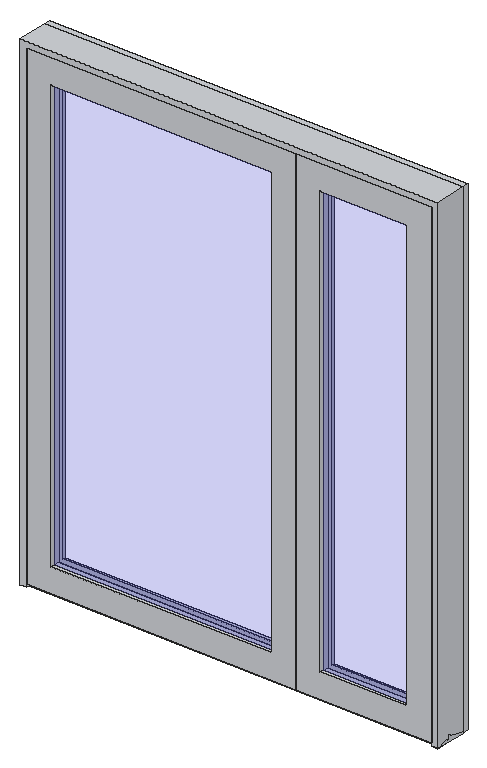
Revit family "8101_Dobbeltdør_Indadgående_COto62", category Doors, host Wall, Revit 2016
Family settings
  Host = Wall
  OmniClass Number = 23.30.10.00
  OmniClass Title = Doors
  Always vertical = Yes
  Cut with Voids When Loaded = No
  Shared = No
  Room Calculation Point = No
Parameters (values of type "1788x2088mm")
  frame 157mm [instance] = yes
  Width left leaf = 600 mm
  Rough Width = Width + (2 * Joint)  # 1812 mm
  Rough Height = Height + (2 * Joint)  # 2112 mm
  Placement in wall = 135 mm
  Manufacturer = "www.kronevinduer.dk"
  Joint = 12 mm
  Function = Interior
  Frame Projection Ext. = 25 mm
  Frame Projection Int. = 25 mm
  Frame Width = 75 mm
  Height = 2088 mm
  Wall Closure = By host
  Width = 1788 mm
  Bottom Placement = Placement in wall - 59 mm  # 76 mm
  Analytic Construction = "<None>"
Reference planes
  plane 1: y = 0
  plane 2 "Center (Left/Right)": x = 0
  plane 3 "Left": x = -894
  plane 4 "Right": x = 894
  plane 5: z = 2088
  plane 6 "Exterior": y = 75
  plane 7 "Interior": y = -75
  plane 8: y = -60
  plane 9: x = 882
  plane 10: z = 12
  plane 11: x = -882
  plane 12: z = 2076
  plane 13: x = 282
  plane 14: y = -1
  plane 15: z = 23
Forms (mm)
  Sweep 1, solid
    path origin (0, 75, 0) x (1, 0, 0) y (0, 0, 1)
      loop
        line (882, 12) -> (-882, 12)
    profile "ALU_BOTTOM_INward : ALU_BOTTOM_INward" origin (0, 75, 12) x (0, 0, -1) y (0, -1, 0)
      loop
        line (0, 125) -> (-1.763, 125) -> (-11, 86) -> (-6.25, 86) -> (-6.25, 76) -> (-24.621, 76) -> (-24.621, 74) -> (-20.949, 74) -> (-5.5, 6) -> (0, 6) -> (0, 125)
  Sweep 2, solid
    path origin (0, 75, 0) x (1, 0, 0) y (0, 0, 1)
      loop
        line (882, 12) -> (882, 2076) -> (-882, 2076) -> (-882, 12)
    profile "COto 62 ALU_WOOD_FRAME 45x130MM_S : COto 62 ALU_WOOD_FRAME 45x130MM_S" origin (882, 75, 1044) x (-1, 0, 0) y (0, -1, 0)
      loop
        line (0, 5) -> (45, 5) -> (45, 76) -> (27, 76) -> (27, 135) -> (0, 135) -> (0, 5)
  Sweep 3, solid
    path origin (0, 75, 0) x (1, 0, 0) y (0, 0, 1)
      loop
        line (855, 23) -> (855, 2049) -> (282, 2049) -> (282, 23) -> (855, 23)
    profile "COto 62 ALU_WOOD_SASH_DOOR_INward : COto 62 ALU_WOOD_SASH_DOOR_INward" origin (568.5, 75, 23) x (0, 0, -1) y (0, -1, 0)
      loop
        line (0, 135) -> (-103, 135) -> (-103, 120) -> (-85, 120) -> (-85, 72) -> (-103, 72) -> (-103, 61) -> (-18, 61) -> (-18, 76) -> (0, 76) -> (0, 135)
  Sweep 4, solid
    path origin (0, 75, 0) x (1, 0, 0) y (0, 0, 1)
      loop
        line (282, 23) -> (282, 2049) -> (-855, 2049) -> (-855, 23) -> (282, 23)
    profile "COto 62 ALU_WOOD_SASH_DOOR_INward : COto 62 ALU_WOOD_SASH_DOOR_INward" origin (-286.5, 75, 23) x (0, 0, -1) y (0, -1, 0)
      loop
        line (0, 135) -> (-103, 135) -> (-103, 120) -> (-85, 120) -> (-85, 72) -> (-103, 72) -> (-103, 61) -> (-18, 61) -> (-18, 76) -> (0, 76) -> (0, 135)
  Sweep 5, solid, visible <- "frame 157mm"
    path origin (0, 75, 0) x (1, 0, 0) y (0, 0, 1)
      loop
        line (882, 12) -> (882, 2076) -> (-882, 2076) -> (-882, 12)
    profile "COto 62 ALU_WOOD_FRAME 45x157MM_S : COto 62 ALU_WOOD_FRAME 45x157MM_S" origin (882, 75, 1044) x (-1, 0, 0) y (0, -1, 0)
      loop
        line (0, -22) -> (45, -22) -> (45, 76) -> (27, 76) -> (27, 135) -> (0, 135) -> (0, -22)
  Extrusion 6, solid, material "Glass"
    sketch origin (0, 0, 0) x (0, 1, 0) y (0, 0, 1)
      loop
        line (-1, 108) -> (-1, 1964) -> (-45, 1964) -> (-45, 108) -> (-1, 108)
    from -770 to 197
  Extrusion 7, solid, material "Glass"
    sketch origin (0, 0, 0) x (0, 1, 0) y (0, 0, 1)
      loop
        line (-45, 108) -> (3, 108) -> (3, 1964) -> (-45, 1964) -> (-45, 108)
    from 367 to 770
Lines and regions (mm)
  Opening 1
    outline origin (-3050, -75, 0) x (1, 0, 0) y (0, 0, 1)
      loop
        line (2156, 0) -> (3944, 0) -> (3944, 2088) -> (2156, 2088) -> (2156, 0)
  symbolic lines, style "Elevation Swing"
    curve 1: line (-894, 75, 2088) -> (282, 75, 992)
    curve 2: line (282, 75, 992) -> (-894, 75, 0)
    curve 3: line (894, 75, 2088) -> (282, 75, 992)
    curve 4: line (894, 75, 0) -> (282, 75, 992)
  symbolic lines, style "Plan Swing"
    curve 5: line (-770, 3, 0) -> (28, 3, 0)
    curve 6: line (770, -45, 0) -> (367, -45, 0)
    curve 7: arc (367, -45, 0) -> (485.036, -329.964, 0) -> (770, -448, 0) r 403
    curve 8: line (770, -45, 0) -> (770, -448, 0)
    curve 9: line (-770, -45, 0) -> (197, -45, 0)
    curve 10: arc (197, -45, 0) -> (-86.228, -728.772, 0) -> (-770, -1012, 0) r 967
    curve 11: line (-770, -45, 0) -> (-770, -1012, 0)
Text (mm)
  text "Exterior" at (-2295.016, 1099.543, 0), in view "Ref. Level"
  text "Exterior" at (0, 1615.38, 3698.081), in view "Left"
  text "Exterior" at (0, 1036.032, 3874.932), in view "Right"
Dimensions and locks
  equal spacing: plane 3 "Left", plane 2 "Center (Left/Right)", plane 4 "Right"
  "Width": plane 3 "Left" to plane 4 "Right"
  "Height": plane 5 to host wall
  host wall to plane 5 = 2088 mm  (x2)
  locked: plane 6 "Exterior" to host wall at 0
  locked: plane 7 "Interior" to host wall
  "Joint": plane 12 to plane 5
  "Joint": level to plane 10
  "Joint": plane 9 to plane 4 "Right"
  "Joint": plane 3 "Left" to plane 11
  "Width left leaf": plane 13 to plane 9
  "Placement in wall": plane 8 to plane 6 "Exterior"
  "Bottom Placement": host wall to plane 14
  aligned and locked: plane 3 "Left" to Opening 1 sketch curve
  aligned and locked: plane 5 to Opening 1 sketch curve  (x2)
  aligned and locked: Opening 1 sketch curve to plane 4 "Right"
  aligned and locked: Opening 1 sketch curve to level
  aligned and locked: plane 1 to host wall
  aligned and locked: plane 15 to Sweep 3 sketch curve
  aligned and locked: Sweep 3 sketch curve to Sweep 2
  aligned and locked: Sweep 2 to Sweep 3 sketch curve
  aligned and locked: Sweep 3 sketch curve to plane 13
  aligned and locked: Sweep 3 to Sweep 4 sketch curve
  aligned and locked: Sweep 4 sketch curve to Sweep 3
  aligned and locked: Sweep 4 sketch curve to Sweep 2
  aligned and locked: Sweep 2 to Sweep 4 sketch curve
  aligned and locked: Sweep 3 to curve 8
  aligned and locked: curve 11 to Sweep 4
  aligned and locked: Extrusion 6 sketch curve to Sweep 3
  aligned and locked: Extrusion 6 sketch curve to plane 14
  aligned and locked: Extrusion 6 to Sweep 3  (x2)
  aligned and locked: Extrusion 6 to Sweep 4  (x2)
  aligned and locked: Extrusion 7 sketch curve to Sweep 3  (x2)
  aligned and locked: Extrusion 7 to Sweep 3  (x4)
Automatic sketch dimensions
  Sweep 1 sketch curve to plane 10 = 0 mm
  plane 11 to Sweep 1 sketch curve = 0 mm
  plane 9 to Sweep 1 sketch curve = 0 mm
  plane 11 to Sweep 2 sketch curve = 0 mm
  plane 9 to Sweep 2 sketch curve = 0 mm
  Sweep 2 sketch curve to plane 10 = 0 mm  (x2)
  Sweep 2 sketch curve to plane 12 = 0 mm
  curve 2 to level = 0 mm
  plane 3 "Left" to curve 2 = 0 mm
  plane 3 "Left" to curve 1 = 0 mm
  plane 13 to curve 4 = 0 mm
  curve 4 to level = 0 mm
  plane 4 "Right" to curve 4 = 0 mm
  plane 4 "Right" to curve 3 = 0 mm
  curve 3 to plane 5 = 0 mm
  curve 1 to plane 5 = 0 mm
  plane 15 to curve 2 = 969 mm
  plane 11 to Sweep 5 sketch curve = 0 mm
  plane 9 to Sweep 5 sketch curve = 0 mm
  Sweep 5 sketch curve to plane 10 = 0 mm  (x2)
  Sweep 5 sketch curve to plane 12 = 0 mm
  plane 8 to curve 6 = 15 mm
  curve 6 to plane 13 = 85 mm
  plane 8 to curve 9 = 15 mm
  plane 13 to curve 9 = 85 mm
  curve 5 to host wall = 3 mm
  plane 2 "Center (Left/Right)" to curve 5 = 28 mm
  curve 5 to curve 10 = 0 mm
  level to Extrusion 6 sketch curve = 108 mm
  plane 5 to Extrusion 6 sketch curve = 124 mm
  level to Extrusion 7 sketch curve = 108 mm
  plane 5 to Extrusion 7 sketch curve = 124 mm
